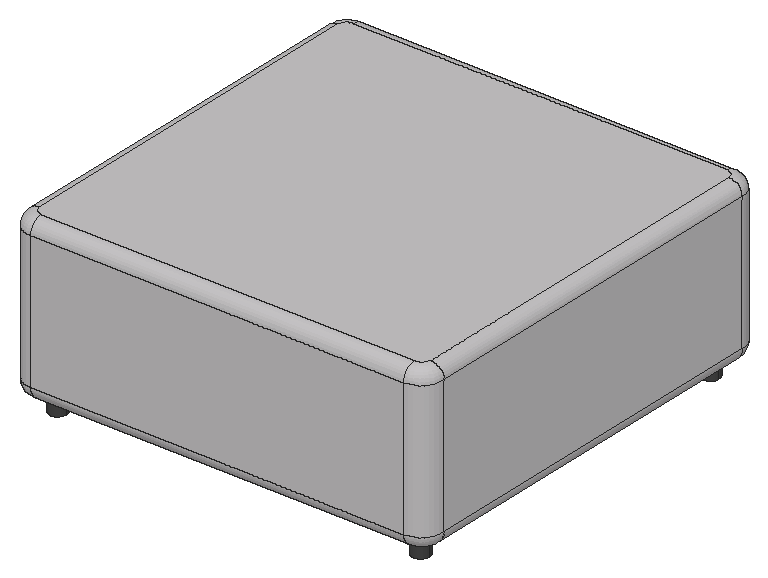
Revit family "FU_Chair_Sandler_ENTROPY_ENT0030TA", category Furniture, Revit 2020
Family settings
  OmniClass Number = 23.21.23.15.17
  Work Plane-Based = Yes
  Always vertical = No
  Cut with Voids When Loaded = No
  Shared = No
  Room Calculation Point = No
Parameters (values of type "ENTROPY ENT0030TA")
  Youtube clip = ""
  Width = 950.000 mm  # constant formula
  Uniformat II Description = "Movable Furnishings"
  Uniformat II Code = ""
  Uniclass 2015 Name = ""
  Uniclass 2015 Code = ""
  Uniclass 2.0 Description = ""
  Uniclass 2.0 Code = ""
  Uniclass 1.4 Description = ""
  Uniclass 1.4 Code = ""
  UNSPSC Code = ""
  Technical description = ""
  Seat Material = Leather - Gaja - 60005
  Frame Material = Steel - Frame - Black
  Region South America = "All"
  Region Oceania = "All"
  Region North America = "All"
  Region Middle East = "All"
  Region Europe = "All"
  Region Asia = "All"
  Region Antarctica = "All"
  Region Africa = "All"
  QR code = ""
  Product url = "https://www.sandlerseating.com/product/ent0030ta/"
  Product name = ""
  Product group = "Chair"
  Product family = "Furniture"
  Product data url = "https://www.sandlerseating.com/product/ent0030ta/"
  Product certification = ""
  Product SKU = ""
  Product Guid = ""
  OmniClass Description = ""
  OmniClass Code = "23-21 23 15 17"
  NBS Reference Description = ""
  NBS Reference Code = ""
  Model = "ENTROPY ENT0030TA"
  Masterformat 2014 Description = "Chair Mats"
  Masterformat 2014 Code = "12 48 43.13"
  Manufacturer name = "Sandler"
  Manufacturer country = "UK"
  Manufacturer = "Sandler"
  Installation instructions = ""
  IFC Classification = "Furnishing Element"
  GTIN code = ""
  Edition number = 1
  Design country = "UK"
  Description = "Chair"
  Depth = 950.000 mm  # constant formula
  Default Elevation = 0.000 mm
  Date of publishing = ""
  COBIe Type Category = ""
  Brand url = "https://www.sandlerseating.com/"
  BIMobject main category code = "furniture"
  BIMobject main category = "Furniture"
  BIMobject category code = "furniture-chair"
  BIMobject category = "Chair"
Reference planes
  plane 1 "Center Front/Back": y = 0
  plane 2: z = 0
  plane 3 "Center Left/Right": x = 0
  plane 4: y = 475
  plane 5: y = -475
  plane 6: x = -475
  plane 7: x = 475
  plane 8: z = 410
  plane 9: z = 40
  plane 10: x = -437.5
  plane 11: x = 437.5
  plane 12: y = -437.5
  plane 13: y = 437.5
Forms (mm)
  Extrusion 1, solid, material "Leather - Gaja - 60005" <- "Seat Material"
    sketch origin (0, 0, 0) x (1, 0, 0) y (0, 1, 0)
      loop
        arc (-425, 475) -> (-460.355, 460.355) -> (-475, 425) r 50
        line (-475, 425) -> (-475, -425)
        arc (-475, -425) -> (-460.355, -460.355) -> (-425, -475) r 50
        line (-425, -475) -> (425, -475)
        arc (425, -475) -> (460.355, -460.355) -> (475, -425) r 50
        line (475, -425) -> (475, 425)
        arc (475, 425) -> (460.355, 460.355) -> (425, 475) r 50
        line (425, 475) -> (-425, 475)
    from 40 to 410
  Sweep 2, void
    path in 3D
      loop
        arc (425, -475, 410) -> (460.355, -460.355, 410) -> (475, -425, 410) r 50
        line (475, -425, 410) -> (475, 425, 410)
        arc (475, 425, 410) -> (460.355, 460.355, 410) -> (425, 475, 410) r 50
        line (425, 475, 410) -> (-425, 475, 410)
        arc (-425, 475, 410) -> (-460.355, 460.355, 410) -> (-475, 425, 410) r 50
        line (-475, 425, 410) -> (-475, -425, 410)
        arc (-475, -425, 410) -> (-460.355, -460.355, 410) -> (-425, -475, 410) r 50
        line (-425, -475, 410) -> (425, -475, 410)
    profile origin (0, -475, 410) x (0, 1, 0) y (0, 0, 1)
      loop
        line (0, 0) -> (0, -30)
        arc (0, -30) -> (8.787, -8.787) -> (30, 0) r 30
        line (30, 0) -> (0, 0)
      loop
        line (0, -370) -> (30, -370)
        arc (30, -370) -> (8.787, -361.213) -> (0, -340) r 30
        line (0, -340) -> (0, -370)
  Extrusion 3, solid, material "Steel - Frame - Black" <- "Frame Material"
    sketch origin (0, 0, 0) x (1, 0, 0) y (0, 1, 0)
      loop
        circle (412.5, -412.5) r 20
      loop
        circle (412.5, 412.5) r 20
      loop
        circle (-412.5, 412.5) r 20
      loop
        circle (-412.5, -412.5) r 20
    from 0 to 40
Cuts and joins
  Sweep 2 cuts Extrusion 1
Lines and regions (mm)
  sketch lines
    curve 1: line (-425, -475, 410) -> (425, -475, 410)
    curve 2: arc (475, -425, 410) -> (460.355, -460.355, 410) -> (425, -475, 410) r 50
    curve 3: line (475, -425, 410) -> (475, 425, 410)
    curve 4: arc (425, 475, 410) -> (460.355, 460.355, 410) -> (475, 425, 410) r 50
    curve 5: line (425, 475, 410) -> (-425, 475, 410)
    curve 6: arc (-475, 425, 410) -> (-460.355, 460.355, 410) -> (-425, 475, 410) r 50
    curve 7: line (-475, 425, 410) -> (-475, -425, 410)
    curve 8: arc (-425, -475, 410) -> (-460.355, -460.355, 410) -> (-475, -425, 410) r 50
Dimensions and locks
  equal spacing: plane 4, plane 1 "Center Front/Back", plane 5
  "Depth": plane 4 to plane 5
  equal spacing: plane 6, plane 3 "Center Left/Right", plane 7
  "Width": plane 6 to plane 7
  locked: plane 11 to plane 7 at 37.5
  locked: plane 6 to plane 10 at 37.5
  locked: plane 4 to plane 13 at 37.5
  locked: plane 12 to plane 5 at 37.5
  aligned and locked: level to plane 2
  aligned and locked: Extrusion 1 sketch curve to plane 4
  aligned and locked: plane 5 to Extrusion 1 sketch curve
  aligned and locked: Extrusion 1 sketch curve to plane 7
Automatic sketch dimensions
  Extrusion 1 sketch curve to plane 4 = 50.000 mm
  plane 10 to Extrusion 1 sketch curve = 12.500 mm  (x2)
  Extrusion 1 sketch curve to plane 11 = 12.500 mm  (x2)
  Extrusion 1 sketch curve to plane 6 = 0.000 mm
  Sweep 2 sketch curve to profile plane = 0.000 mm  (x3)
  Sweep 2 sketch curve to profile plane = 30.000 mm
  Sweep 2 sketch curve to Sweep 2 sketch curve = 30.000 mm
  Sweep 2 sketch curve to Sweep 2 sketch curve = 310.000 mm
  plane 10 to Extrusion 3 sketch curve = 25.000 mm  (x2)
  Extrusion 3 sketch curve to plane 11 = 25.000 mm  (x2)
  plane 12 to Extrusion 3 sketch curve = 25.000 mm  (x2)
  Extrusion 3 sketch curve to plane 13 = 25.000 mm  (x2)
  radius of Extrusion 3 sketch curve = 20.000 mm  (x4)
